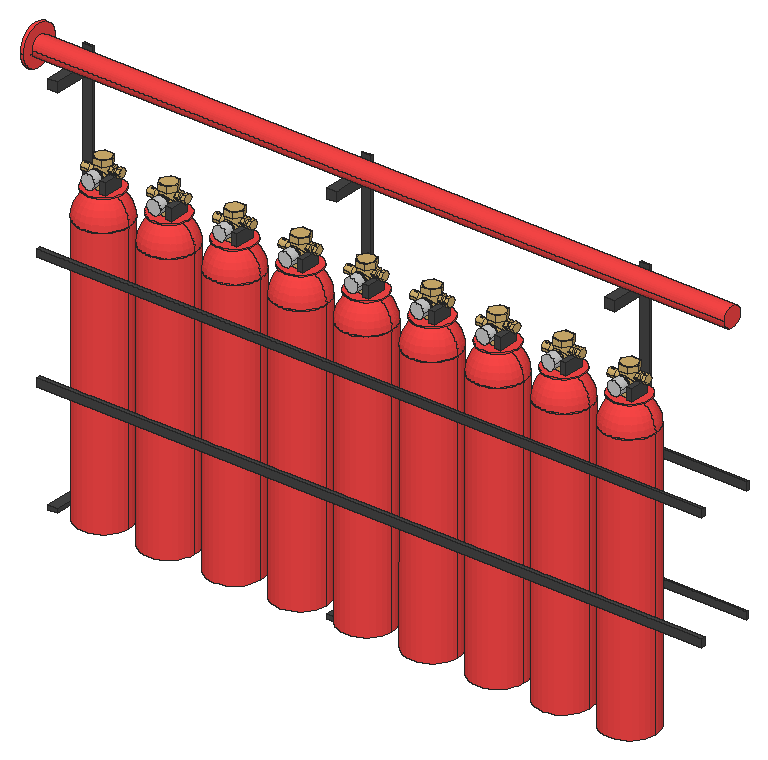
Revit family "Batería de cilindros 67l en simple fila FK-5-1-12_Aguilera Extincion", category Equipos especializados, Revit 2019
Family settings
  Anfitrión = Suelo
  Cota de conector redondo = Radio de uso
  Tipo de pieza = Normal
  Número OmniClass = 23.65.20.14.24
  Título OmniClass = Other Gas Storage Vessels
  Siempre vertical = Sí
  Corte con vacíos al cargar = No
  Compartido = No
  Punto de cálculo de habitación = No
Parameters (values of type "Batería 9 cilindros FK-5-1-12 - 67 l")
  URL = "https://aguilera.es/?productos=sistemas-centralizados-de-67-80-150-y-240l"
  Símbolo texto = yes
  Símbolo = yes
  Rc2 = Radio colector * 2  # 101.6 mm
  Radio colector = Diámetro colector / 2  # 50.8 mm
  R = Diámetro / 2  # 133.5 mm
  Número soportes = 3
  Número de cilindros = 9
  Modelo = "AEX/FKB067-09"
  Lt1 = Lt * 0.9  # 3239.1 mm
  Lt = 3599 mm
  Lci = D2 + 40 mm  # 380 mm
  Lcc = Lt1 / (Número soportes - 0.75)  # 1439.6 mm
  Lc = 340 mm  # constant formula
  Ht = Hc + Diámetro colector  # 2096.6 mm
  Hd = 1770 mm
  H2 = 1200 mm
  H1 = 600 mm
  Fabricante = "Aguilera Extinción"  # constant formula
  Diámetro colector = 101.6 mm
  Descripción = "Batería formada con cilindros de 67 L, fabricados en acero aleado certificados bajo normativa europea TPED para su uso con NOVEC 1230 de 3M. Presión de trabajo 25 bar a 21.1ºC. Pintados en color rojo (RAL 3002).\r\nEquipados con:\r\n– Válvula de descarga KIDDE 2″. Certificada CE y VdS.\r\n– Solenoide KIDDE 24 Vcc de disparo. Certificado CE y VdS (botella piloto).\r\n– Actuador Manual KIDDE. Certificado CE y Vds.(botella piloto)\r\n– Manómetro con presostato KIDDE. Certificado CE y VdS\r\n– Actuador neumático KIDDE. Certificado CE y VdS (botellas esclavas)\r\n– Latiguillos de disparo y descarga. Certificados CE.\r\n– Colector con brida de acoplamiento.\r\n– Válvulas antirretorno. Certificadas CE.\r\n– Conexión de descarga a colector.\r\n– Herrajes para fijación a pared.\r\n– Caperuza de protección para transporte."  # constant formula
  Diámetro = 267 mm
  Hc = 1995 mm  # constant formula
  D2 = 340 mm  # constant formula
  Cilindro = Cilindros autonomos de 5 a 120l FK-5-1-12_Aguilera Extincion : Cilindro autónomo MH5112® (FK-5-1-12) - 67 l
Types (14, lengths in mm): name | Rc2 | Radio colector | Número soportes | Número de cilindros | Modelo | Lt1 | Lt | Lcc | Ht | Diámetro colector
  (no name) | 101.6 | 50.8 | 3 | 9 | "AEX/FKB067-09" | 3239.1 | 3599 | 1439.6 | 2096.6 | 101.6
  Batería 2 cilindros FK-5-1-12 - 67 l | 50.8 | 25.4 | 2 | 2 | "AEX/FKB067-02" | 976.5 | 1085 | 781.2 | 2045.8 | 50.8
  Batería 3 cilindros FK-5-1-12 - 67 l | 63.5 | 31.75 | 2 | 3 | "AEX/FKB067-03" | 1337.4 | 1486 | 1069.92 | 2058.5 | 63.5
  Batería 4 cilindros FK-5-1-12 - 67 l | 76.2 | 38.1 | 2 | 4 | "AEX/FKB067-04" | 1657.8 | 1842 | 1326.24 | 2071.2 | 76.2
  Batería 5 cilindros FK-5-1-12 - 67 l | 76.2 | 38.1 | 2 | 5 | "AEX/FKB067-05" | 1963.8 | 2182 | 1571.04 | 2071.2 | 76.2
  Batería 6 cilindros FK-5-1-12 - 67 l | 76.2 | 38.1 | 2 | 6 | "AEX/FKB067-06" | 2298.6 | 2554 | 1838.88 | 2071.2 | 76.2
  Batería 7 cilindros FK-5-1-12 - 67 l | 101.6 | 50.8 | 3 | 7 | "AEX/FKB067-07" | 2604.6 | 2894 | 1157.6 | 2096.6 | 101.6
  Batería 8 cilindros FK-5-1-12 - 67 l | 101.6 | 50.8 | 3 | 8 | "AEX/FKB067-08" | 2910.6 | 3234 | 1293.6 | 2096.6 | 101.6
  Batería 9 cilindros FK-5-1-12 - 67 l | 101.6 | 50.8 | 3 | 9 | "AEX/FKB067-09" | 3239.1 | 3599 | 1439.6 | 2096.6 | 101.6
  Batería 10 cilindros FK-5-1-12 - 67 l | 101.6 | 50.8 | 3 | 10 | "AEX/FKB067-10" | 3545.1 | 3939 | 1575.6 | 2096.6 | 101.6
  Batería 11 cilindros FK-5-1-12 - 67 l | 127 | 63.5 | 4 | 11 | "AEX/FKB067-11" | 3851.1 | 4279 | 1184.954 | 2122 | 127
  Batería 12 cilindros FK-5-1-12 - 67 l | 127 | 63.5 | 4 | 12 | "AEX/FKB067-12" | 4157.1 | 4619 | 1279.108 | 2122 | 127
  Batería 13 cilindros FK-5-1-12 - 67 l | 127 | 63.5 | 4 | 13 | "AEX/FKB067-13" | 4477.5 | 4975 | 1377.692 | 2122 | 127
  Batería 14 cilindros FK-5-1-12 - 67 l | 127 | 63.5 | 5 | 14 | "AEX/FKB067-14" | 4783.5 | 5315 | 1125.529 | 2122 | 127
Reference planes
  plane 1 "Centro (Frontal/Posterior)": y = 0
  plane 2: z = 0
  plane 3 "Centro (Izquierda/Derecha)": x = 0
  plane 4: y = 133.5
  plane 5: z = 600
  plane 6: z = 1200
  plane 7: z = 1565
  plane 8: z = 1703.58
  plane 9: z = 1770
  plane 10: z = 1995
  plane 11: z = 2096.6
  plane 12: x = -600
  plane 13: x = 2999
  plane 14: y = 153.5
  plane 15: x = -440
  plane 16: y = 40.5
  plane 17: z = 2076.6
Forms (mm)
  Extrusion 1, solid, material "Acero rojo"
    sketch origin (0, 0, 0) x (0, 1, 0) y (0, 0, 1)
      loop
        circle (40.5, 2045.8) r 50.8
    from -600 to 2999
  Extrusion 2, solid, material "Acero rojo"
    sketch origin (0, 0, 0) x (0, 1, 0) y (0, 0, 1)
      loop
        circle (40.5, 2045.8) r 101.6
    from -600 to -582.73
  Extrusion 3, solid, material "Acero negro", detail levels fine
    sketch origin (-745.59, -6000, 600) x (-1, 0, 0) y (0, -1, 0)
      loop
        line (-3744.59, -5864.5) -> (-305.59, -5864.5) -> (-305.59, -5846.113) -> (-3744.59, -5846.113) -> (-3744.59, -5864.5)
    from 40 to 0
  Extrusion 4, solid, material "Acero negro", detail levels fine
    sketch origin (-745.59, -6000, 1200) x (-1, 0, 0) y (0, -1, 0)
      loop
        line (-3744.59, -5864.5) -> (-305.59, -5864.5) -> (-305.59, -5846.113) -> (-3744.59, -5846.113) -> (-3744.59, -5864.5)
    from 40 to 0
  Extrusion 5, solid, material "Acero negro", detail levels fine
    sketch origin (-745.59, -5721, 600) x (-1, 0, 0) y (0, -1, 0)
      loop
        line (-3744.59, -5864.5) -> (-305.59, -5864.5) -> (-305.59, -5854.5) -> (-3744.59, -5854.5) -> (-3744.59, -5864.5)
    from 40 to 0
  Extrusion 6, solid, material "Acero negro", detail levels fine
    sketch origin (-745.59, -5721, 1200) x (-1, 0, 0) y (0, -1, 0)
      loop
        line (-3744.59, -5864.5) -> (-305.59, -5864.5) -> (-305.59, -5854.5) -> (-3744.59, -5854.5) -> (-3744.59, -5864.5)
    from 40 to 0
Dimensions and locks
  "H1": plane 5 to plane 2
  "H2": plane 6 to plane 2
  "Hd": plane 9 to plane 2
  "Hc": plane 10 to plane 2
  locked: plane 9 to plane 8 at 66.42
  locked: plane 9 to plane 7 at 205
  "R": plane 1 "Centro (Frontal/Posterior)" to plane 4
  "Lt": plane 13 to plane 12
  "Ht": plane 11 to plane 2
  locked: plane 11 to plane 17 at 20
  "Ht": Extrusion 1 sketch curve to plane 2
  equal spacing: group 1, group 2, group 5, group 6, group 7, group 8, group 9, group 10, group 11  (x3)
  equal spacing: group 3, group 4, group 12  (x3)
  "Lcc": nested 5 to plane 15
  "Lci": nested 1 to plane 12
  equal spacing: plane 11, Extrusion 2 sketch curve, plane 10
  "Radio colector": radius of Extrusion 1 sketch curve
  "Rc2": radius of Extrusion 2 sketch curve
  aligned and locked: level to plane 2
  aligned and locked: Extrusion 1 to plane 12
  aligned and locked: plane 13 to Extrusion 1
  aligned and locked: Extrusion 2 to plane 12
  aligned and locked: Extrusion 3 sketch curve to plane 15
  aligned and locked: plane 13 to Extrusion 3 sketch curve
  aligned and locked: Extrusion 4 to plane 15
  aligned and locked: plane 13 to Extrusion 4
  aligned and locked: Extrusion 6 to plane 4
  aligned and locked: Extrusion 5 to plane 4
Automatic sketch dimensions
  plane 1 "Centro (Frontal/Posterior)" to Extrusion 3 sketch curve = 135.5 mm
  Extrusion 3 sketch curve to Extrusion 3 sketch curve = 18.387 mm
  Extrusion 4 sketch curve to plane 13 = 0 mm
  Extrusion 4 sketch curve to plane 15 = 0 mm
  plane 1 "Centro (Frontal/Posterior)" to Extrusion 4 sketch curve = 135.5 mm
  Extrusion 4 sketch curve to Extrusion 4 sketch curve = 18.387 mm
  Extrusion 5 sketch curve to plane 13 = 0 mm
  Extrusion 5 sketch curve to plane 15 = 0 mm
  plane 4 to Extrusion 5 sketch curve = 10 mm
  Extrusion 5 sketch curve to plane 4 = 0 mm
  Extrusion 6 sketch curve to plane 13 = 0 mm
  Extrusion 6 sketch curve to plane 15 = 0 mm
  plane 4 to Extrusion 6 sketch curve = 10 mm
  Extrusion 6 sketch curve to plane 4 = 0 mm
  Extrusion 1 sketch curve to plane 16 = 0 mm
  Extrusion 2 sketch curve to plane 16 = 0 mm
Nested families
  nested 1: "Cilindros autonomos de 5 a 120l FK-5-1-12_Aguilera Extincion" at (-220, 0, 0), type <- "Cilindro", type "Cilindro autónomo MH5112® (FK-5-1-12) - 67 l"
    with Soporte no
  nested 2: "Cilindros autonomos de 5 a 120l FK-5-1-12_Aguilera Extincion" at (120, 0, 0), type <- "Cilindro", type "Cilindro autónomo MH5112® (FK-5-1-12) - 67 l"
    with Soporte no
  nested 3: "S_Cilindros_Aguilera Extinción" at (0, 0, 0), visible <- "Símbolo", type "S_Cilindros_Aguilera Extinción", detail levels coarse
  nested 4: "Soporte suelo" at (-60, 153.5, 0), type "Soporte suelo"
    with Ht 1995 mm
  nested 5: "Soporte suelo" at (1379.6, 153.5, 0), type "Soporte suelo"
    with Ht 1995 mm
  nested 6: "Cilindros autonomos de 5 a 120l FK-5-1-12_Aguilera Extincion" at (460, 0, 0), type <- "Cilindro", type "Cilindro autónomo MH5112® (FK-5-1-12) - 67 l"
    with Soporte no
  nested 7: "Cilindros autonomos de 5 a 120l FK-5-1-12_Aguilera Extincion" at (800, 0, 0), type <- "Cilindro", type "Cilindro autónomo MH5112® (FK-5-1-12) - 67 l"
    with Soporte no
  nested 8: "Cilindros autonomos de 5 a 120l FK-5-1-12_Aguilera Extincion" at (1140, 0, 0), type <- "Cilindro", type "Cilindro autónomo MH5112® (FK-5-1-12) - 67 l"
    with Soporte no
  nested 9: "Cilindros autonomos de 5 a 120l FK-5-1-12_Aguilera Extincion" at (1480, 0, 0), type <- "Cilindro", type "Cilindro autónomo MH5112® (FK-5-1-12) - 67 l"
    with Soporte no
  nested 10: "Cilindros autonomos de 5 a 120l FK-5-1-12_Aguilera Extincion" at (1820, 0, 0), type <- "Cilindro", type "Cilindro autónomo MH5112® (FK-5-1-12) - 67 l"
    with Soporte no
  nested 11: "Cilindros autonomos de 5 a 120l FK-5-1-12_Aguilera Extincion" at (2160, 0, 0), type <- "Cilindro", type "Cilindro autónomo MH5112® (FK-5-1-12) - 67 l"
    with Soporte no
  nested 12: "Cilindros autonomos de 5 a 120l FK-5-1-12_Aguilera Extincion" at (2500, 0, 0), type <- "Cilindro", type "Cilindro autónomo MH5112® (FK-5-1-12) - 67 l"
    with Soporte no
  nested 13: "Soporte suelo" at (2819.2, 153.5, 0), type "Soporte suelo"
    with Ht 1995 mm
Connectors
  piping at (-600, 40.5, 2045.8), diameter 101.6, driven by "Radio colector"
    settings: on Extrusion 1, index 1, connector inside diameter 609.6 mm, connector length 0 mm, flow factor 0, pipe flow 0.0 L/s, pressure drop 0.0 Pa, fitting loss kfactor 0, connector angle 0.00°, fixture units 0, engagement length 0 mm, angle of deflection 0.00°, flow configuration 0, flow direction 0, fitting loss method 0, system type 28, joint type 0, gender type 0, connector reference index -1, connector utility 0, adjustable connector no, is connector primary yes, connector description ""
Definition of nested family "Cilindros autonomos de 5 a 120l FK-5-1-12_Aguilera Extincion"
  Parameters (values of type "Cilindro autónomo MH5112® (FK-5-1-12) - 120 l")
    URL = "https://aguilera.es/?productos=botellas-autonomas-de-14-a-345-l"
    Símbolo texto = yes
    Símbolo = yes
    Soporte = yes
    R = Diámetro / 2  # 177.277 mm
    Model = "AEX/FK120"
    L1 = 536 mm
    Hd = 1700 mm
    H2 = 850 mm
    Manufacturer = "Aguilera Extinción"  # constant formula
    Description = "Cilindro de alta presión, fabricado en acero aleado tratado térmicamente sin soldadura (según Directiva Europea 84/525/CEE). Marcado π Presión de trabajo de 42 y 50 bar, presión de pruebas 250 bar, temperatura de servicio de -20ºC a +50ºC, grabados y pintados en color rojo (RAL 3002).\r\nEquipado con:\r\n• Válvula de descarga. Marcada CE según RD: 769/1999. Incluye:\r\n• Solenoide de disparo. (Alimentación 24V y 500mA de consumo)\r\n• Válvula de sobrepresión y disco de seguridad.\r\n• Válvula de alivio.\r\n• Manómetro 42 bar con presostato. Certificado Vds\r\n• Actuador manual\r\n• Herrajes de fijación.\r\n• Brida y caperuza protectora de la válvula y sus accesorios."  # constant formula
    Diámetro = 354.555 mm
    H = 1780 mm
    Aux_R = R / 2  # 88.639 mm
  Types (8, lengths in mm): name | R | Model | L1 | Hd | H2 | Diámetro | H | Aux_R
    (no name) | 177.277 | "AEX/FK120" | 536 | 1700 | 850 | 354.555 | 1780 | 88.639
    Cilindro autónomo MH5112® (FK-5-1-12) - 80 l | 133.5 | "AEX/FK080" | 402 | 1800 | 900 | 267 | 1880 | 66.75
    Cilindro autónomo MH5112® (FK-5-1-12) - 120 l | 177.277 | "AEX/FK120" | 536 | 1700 | 850 | 354.555 | 1780 | 88.639
    Cilindro autónomo MH5112® (FK-5-1-12) - 67 l | 133.5 | "AEX/FK067" | 402 | 1600 | 800 | 267 | 1680 | 66.75
    Cilindro autónomo MH5112® (FK-5-1-12) - 40,2 l | 114.5 | "AEX/FK040" | 364 | 1300 | 650 | 229 | 1380 | 57.25
    Cilindro autónomo MH5112® (FK-5-1-12) - 26,8 l | 146.623 | "AEX/FK026" | 364 | 1000 | 500 | 293.247 | 1080 | 73.312
    Cilindro autónomo MH5112® (FK-5-1-12) - 13,4 l | 70 | "AEX/FK013" | 274 | 1100 | 550 | 140 | 1180 | 35
    Cilindro autónomo MH5112® (FK-5-1-12) - 5 l | 70 | "AEX/FK005" | 274 | 500 | 250 | 140 | 580 | 35
  Reference planes
    plane 1 "Centro (Frontal/Posterior)": y = 0
    plane 2: z = 0
    plane 3 "Centro (Izquierda/Derecha)": x = 0
    plane 4: y = 177.277
    plane 5: z = 850
    plane 6: z = 1495
    plane 7: z = 1633.58
    plane 8: z = 1700
    plane 9: z = 1780
    plane 10: x = -100
    plane 11: x = -177.277
    plane 12: x = 177.277
    plane 13: x = -177.277
    plane 14: x = 177.277
    plane 15: x = -40
  Forms (mm)
    Extrusion 1, solid, detail levels medium+fine
      sketch origin (0, 0, 0) x (1, 0, 0) y (0, 1, 0)
        loop
          circle (0, 0) r 177.277
      from 0 to 1495
    Extrusion 2, solid, detail levels medium+fine
      sketch origin (-745.59, -6000, 1633.58) x (-1, 0, 0) y (0, -1, 0)
        loop
          circle (-745.59, -6000) r 40
      from 0 to 146.42
    Extrusion 3, solid, detail levels medium+fine
      sketch origin (-70, 0, 0) x (0, -1, 0) y (0, 0, 1)
        loop
          circle (0, 1700) r 25
      from -117.506 to -12.56
    Revolve 4, solid, detail levels medium+fine
      sketch origin (0, 0, 0) x (1, 0, 0) y (0, 0, 1)
        loop
          line (0, 1633.58) -> (-40, 1633.58)
          arc (-40, 1633.58) -> (-137.098, 1593.066) -> (-177.277, 1495.829) r 137.752
          line (-177.277, 1495.829) -> (-177.277, 1495) -> (0, 1495) -> (0, 1633.58)
        axis (0, 1633.58) -> (0, 1495)
      angle from 0 to 360
    Extrusion 5, solid, visible <- "Soporte", detail levels fine
      sketch origin (-745.59, -6000, 850) x (-1, 0, 0) y (0, -1, 0)
        loop
          line (-500.812, -6197.277) -> (-500.812, -6177.277) -> (-566.312, -6177.277) -> (-566.312, -6000)
          arc (-566.312, -6000) -> (-745.59, -5820.723) -> (-924.867, -6000) r 179.277
          line (-924.867, -6000) -> (-924.867, -6177.277) -> (-990.367, -6177.277) -> (-990.367, -6197.277) -> (-500.812, -6197.277)
        loop
          arc (-568.312, -6000) -> (-745.59, -5822.723) -> (-922.867, -6000) r 177.277
          line (-922.867, -6000) -> (-922.867, -6177.277) -> (-568.312, -6177.277) -> (-568.312, -6000)
      from 20 to -20
    Extrusion 6, solid, detail levels fine
      sketch origin (-745.59, -6000, 1633.58) x (-1, 0, 0) y (0, -1, 0)
        loop
          circle (-745.59, -6000) r 100
      from 0 to 5.101
    Extrusion 7, solid, detail levels medium+fine
      sketch origin (-745.59, -6000, 1780) x (-1, 0, 0) y (0, -1, 0)
        loop
          line (-769.342, -6041.141) -> (-721.837, -6041.141) -> (-698.084, -6000) -> (-721.837, -5958.859) -> (-769.342, -5958.859) -> (-793.095, -6000) -> (-769.342, -6041.141)
      from 0 to -30.23
    Extrusion 8, solid, detail levels medium+fine
      sketch origin (0.001, -69.978, 0) x (1, 0.000332, 0) y (0, 0, 1)
        loop
          circle (0, 1700) r 35
      from -70 to -28.863
    Extrusion 9, solid, detail levels medium+fine
      sketch origin (-145, 0, 0) x (0, -1, 0) y (0, 0, 1)
        loop
          circle (0, 1700) r 20
        loop
          circle (0, 1700) r 15
      from -87.56 to -45
    Extrusion 10, solid, detail levels medium+fine
      sketch origin (0.001, -127.334, 0) x (1, 0.000332, 0) y (0, 0, 1)
        loop
          circle (0, 1700) r 30
      from -86.218 to -73.878
    Extrusion 11, solid, detail levels medium+fine
      sketch origin (0.001, -157.335, 0) x (1, 0.000332, 0) y (0, 0, 1)
        loop
          circle (0, 1700) r 35
      from -103.928 to -58.906
    Extrusion 12, solid, detail levels fine
      sketch origin (-27.334, -0.23, 26.684) x (0.000332, -1, 0) y (0, 0, 1)
        loop
          circle (-0.222, 1705.463) r 15
      from -108.689 to -58.467
    Extrusion 13, solid, detail levels fine
      sketch origin (146.623, 655.396, 4006.684) x (0, 1, 0) y (0, 0, 1)
        loop
          line (-666.922, -2254.537) -> (-678.469, -2274.537) -> (-666.922, -2294.537) -> (-643.828, -2294.537) -> (-632.281, -2274.537) -> (-643.828, -2254.537) -> (-666.922, -2254.537)
      from -98.997 to -83.977
    Extrusion 14, solid, detail levels fine
      sketch origin (146.623, 655.396, 4006.684) x (0, 1, 0) y (0, 0, 1)
        loop
          line (-666.922, -2254.537) -> (-678.469, -2274.537) -> (-666.922, -2294.537) -> (-643.828, -2294.537) -> (-632.281, -2274.537) -> (-643.828, -2254.537) -> (-666.922, -2254.537)
      from -65.269 to -49.269
    Extrusion 15, solid, detail levels fine
      sketch origin (-100, 837.763, 4000) x (0, 1, 0) y (0, 0, 1)
        loop
          line (-820.012, -2283.976) -> (-917.735, -2283.976) -> (-917.735, -2343.976) -> (-820.012, -2343.976) -> (-820.012, -2283.976)
      from 147.506 to 176.533
  Lines and regions (mm)
    symbolic lines
      curve 1: line (0, 217.277, 0) -> (0, 177.277, 0)
      curve 2: line (-25, 197.277, 0) -> (25, 197.277, 0)
      curve 3: circle (0, 197.277, 0) r 15 normal (0, 0, 1)
  Dimensions and locks
    "H2": plane 5 to plane 2
    "Hd": plane 8 to plane 2
    "H": plane 9 to plane 2
    locked: plane 10 to plane 3 "Centro (Izquierda/Derecha)" at 100
    equal spacing: plane 11, plane 3 "Centro (Izquierda/Derecha)", plane 12
    "Diámetro": plane 11 to plane 12
    locked: plane 8 to plane 7 at 66.42
    locked: plane 8 to plane 6 at 205
    "R": plane 1 "Centro (Frontal/Posterior)" to plane 4
    equal spacing: plane 13, plane 3 "Centro (Izquierda/Derecha)", plane 14
    "Diámetro": plane 13 to plane 14
    equal spacing: Extrusion 5 sketch curve, plane 3 "Centro (Izquierda/Derecha)", Extrusion 5 sketch curve
    "R": Revolve 4 sketch curve to Revolve 4 sketch curve
    locked: Revolve 4 sketch curve to Revolve 4 sketch curve at 0.829
    "Diámetro": diameter of Extrusion 1 sketch curve
    aligned and locked: level to plane 2
    aligned and locked: plane 6 to Extrusion 1
    aligned and locked: plane 9 to Extrusion 2
    aligned and locked: Extrusion 2 to plane 7
    aligned and locked: Revolve 4 sketch curve to plane 3 "Centro (Izquierda/Derecha)"  (x2)
    aligned and locked: Extrusion 5 sketch curve to Extrusion 5 sketch curve  (x2)
    aligned and locked: Extrusion 5 sketch curve to plane 4
    aligned and locked: Extrusion 5 sketch curve to plane 14
    aligned and locked: Extrusion 5 sketch curve to plane 13
    aligned and locked: Revolve 4 sketch curve to plane 6
    aligned and locked: plane 15 to Extrusion 2
    aligned and locked: plane 15 to Revolve 4 sketch curve
    aligned and locked: Extrusion 9 to plane 10
    aligned and locked: Extrusion 15 to Extrusion 3
  Automatic sketch dimensions
    curve 1 to plane 3 "Centro (Izquierda/Derecha)" = 0 mm
    curve 3 to plane 3 "Centro (Izquierda/Derecha)" = 0 mm
    curve 1 to plane 4 = 0 mm
    curve 1 to curve 3 = 20 mm
    curve 2 to plane 3 "Centro (Izquierda/Derecha)" = 25 mm
    plane 3 "Centro (Izquierda/Derecha)" to curve 2 = 25 mm
    plane 4 to curve 2 = 20 mm
    curve 3 to curve 1 = 20 mm
    plane 1 "Centro (Frontal/Posterior)" to Extrusion 2 sketch curve = 0 mm
    Extrusion 2 sketch curve to plane 3 "Centro (Izquierda/Derecha)" = 0 mm
    Extrusion 3 sketch curve to plane 1 "Centro (Frontal/Posterior)" = 0 mm
    Extrusion 3 sketch curve to plane 8 = 0 mm
    plane 1 "Centro (Frontal/Posterior)" to Extrusion 6 sketch curve = 0 mm
    Extrusion 6 sketch curve to plane 3 "Centro (Izquierda/Derecha)" = 0 mm
    plane 1 "Centro (Frontal/Posterior)" to Extrusion 7 sketch curve = 0 mm  (x2)
    plane 3 "Centro (Izquierda/Derecha)" to Extrusion 7 sketch curve = 47.506 mm
    plane 3 "Centro (Izquierda/Derecha)" to Extrusion 7 sketch curve = 23.753 mm  (x2)
    Extrusion 7 sketch curve to plane 3 "Centro (Izquierda/Derecha)" = 23.753 mm  (x2)
    Extrusion 7 sketch curve to Extrusion 7 sketch curve = 23.753 mm
    Extrusion 7 sketch curve to plane 1 "Centro (Frontal/Posterior)" = 41.141 mm
    plane 1 "Centro (Frontal/Posterior)" to Extrusion 7 sketch curve = 41.141 mm
    Extrusion 8 sketch curve to plane 8 = 0 mm
    Extrusion 9 sketch curve to Extrusion 9 sketch curve = 0 mm  (x2)
    Extrusion 9 sketch curve to plane 1 "Centro (Frontal/Posterior)" = 0 mm
    Extrusion 9 sketch curve to plane 8 = 0 mm
    Extrusion 10 sketch curve to plane 8 = 0 mm
    Extrusion 11 sketch curve to plane 8 = 0 mm
    plane 8 to Extrusion 12 sketch curve = 32.147 mm
    plane 1 "Centro (Frontal/Posterior)" to Extrusion 13 sketch curve = 23.073 mm
    plane 1 "Centro (Frontal/Posterior)" to Extrusion 13 sketch curve = 11.526 mm  (x2)
    plane 8 to Extrusion 13 sketch curve = 12.147 mm
    Extrusion 13 sketch curve to plane 1 "Centro (Frontal/Posterior)" = 11.568 mm  (x2)
    Extrusion 13 sketch curve to Extrusion 13 sketch curve = 11.547 mm
    Extrusion 13 sketch curve to Extrusion 13 sketch curve = 20 mm  (x3)
    plane 1 "Centro (Frontal/Posterior)" to Extrusion 14 sketch curve = 23.073 mm
    plane 1 "Centro (Frontal/Posterior)" to Extrusion 14 sketch curve = 11.526 mm  (x2)
    plane 8 to Extrusion 14 sketch curve = 12.147 mm
    Extrusion 14 sketch curve to plane 1 "Centro (Frontal/Posterior)" = 11.568 mm  (x2)
    Extrusion 14 sketch curve to Extrusion 14 sketch curve = 11.547 mm
    Extrusion 14 sketch curve to Extrusion 14 sketch curve = 20 mm  (x3)
    plane 8 to Extrusion 15 sketch curve = 16.024 mm
    plane 1 "Centro (Frontal/Posterior)" to Extrusion 15 sketch curve = 79.972 mm
    Extrusion 15 sketch curve to plane 1 "Centro (Frontal/Posterior)" = 17.752 mm
    plane 7 to Extrusion 15 sketch curve = 22.444 mm
    plane 1 "Centro (Frontal/Posterior)" to Extrusion 1 sketch curve = 0 mm
    Extrusion 1 sketch curve to plane 3 "Centro (Izquierda/Derecha)" = 0 mm
    Revolve 4 sketch curve to plane 7 = 0 mm
    plane 5 to Revolve 4 sketch curve = 8.628 mm
    Revolve 4 sketch curve to plane 8 = 6 mm
    Extrusion 5 sketch curve to Extrusion 5 sketch curve = 0 mm  (x2)
    plane 1 "Centro (Frontal/Posterior)" to Extrusion 5 sketch curve = 0 mm
    Extrusion 5 sketch curve to plane 14 = 2 mm
    Extrusion 5 sketch curve to Extrusion 5 sketch curve = 65.5 mm
    Extrusion 5 sketch curve to Extrusion 5 sketch curve = 20 mm
    radius of curve 3 = 15 mm
    radius of Extrusion 2 sketch curve = 40 mm
    radius of Extrusion 3 sketch curve = 25 mm
    radius of Extrusion 6 sketch curve = 100 mm
    radius of Extrusion 8 sketch curve = 35 mm
    radius of Extrusion 9 sketch curve = 20 mm
    radius of Extrusion 9 sketch curve = 15 mm
    radius of Extrusion 10 sketch curve = 30 mm
    radius of Extrusion 11 sketch curve = 35 mm
    radius of Extrusion 12 sketch curve = 15 mm
  Nested families
    nested 1: "S_Cilindro_Aguilera Extinción" at (0, 0, 0), visible <- "Símbolo", type "S_Cilindro_Aguilera Extinción", detail levels coarse
  Definition of nested family "S_Cilindro_Aguilera Extinción"
    Parameters (values of type "S_Cilindro_Aguilera Extinción")
      Texto símbolo = "Cilindros"
      Texto modelo = yes
      Modelo = "Cilindros"
    Reference planes
      plane 1: y = 0
      plane 2: x = 0
    Lines and regions (mm)
      detail lines
        curve 1: line (-1.703, -1.659, 0) -> (1.659, -1.659, 0)
        curve 2: line (-1.703, 1.659, 0) -> (-1.703, -1.659, 0)
        curve 3: line (1.659, 1.659, 0) -> (-1.703, 1.659, 0)
        curve 4: line (1.659, -1.659, 0) -> (1.659, 1.659, 0)
        curve 5: circle (0, 0, 0) r 1.659 normal (0, 0, 1)
    Text (mm)
      label "Texto símbolo" at (-0.164, 3.111, 0), shows "Texto símbolo"
      label "Modelo" at (-0.164, -2.652, 0), shows "Modelo", visible <- "Texto modelo"
Definition of nested family "Soporte suelo"
  Parameters (values of type "Soporte suelo")
    Ht = 1266.694 mm
  Reference planes
    plane 1 "Centro (Frontal/Posterior)": y = 0
    plane 2: z = 0
    plane 3 "Centro (Izquierda/Derecha)": x = 0
    plane 4: z = 1266.694
  Forms (mm)
    Extrusion 1, solid
      sketch origin (-380, -6153.5, 976.911) x (0, 0, 1) y (0, -1, 0)
        loop
          line (354.783, -6153.5) -> (354.783, -6143.5) -> (289.783, -6143.5) -> (289.783, -5918.5) -> (239.783, -5918.5) -> (239.783, -6143.5) -> (-956.911, -6143.5) -> (-956.911, -5918.5) -> (-976.911, -5918.5) -> (-976.911, -6153.5) -> (354.783, -6153.5)
      from 0 to 50
  Lines and regions (mm)
    symbolic lines
      curve 1: line (-355, 20, 0) -> (-355, -20, 0)
      curve 2: line (-380, 0, 0) -> (-330, 0, 0)
      curve 3: circle (-355, 0, 0) r 15 normal (0, 0, 1)
  Dimensions and locks
    "Ht": plane 4 to plane 2
    aligned and locked: level to plane 2
    aligned and locked: Extrusion 1 sketch curve to plane 4
    aligned and locked: plane 1 "Centro (Frontal/Posterior)" to Extrusion 1 sketch curve
    aligned and locked: level to Extrusion 1 sketch curve
  Automatic sketch dimensions
    plane 1 "Centro (Frontal/Posterior)" to curve 2 = 0 mm
    plane 1 "Centro (Frontal/Posterior)" to curve 3 = 0 mm
    curve 3 to plane 3 "Centro (Izquierda/Derecha)" = 355 mm
    curve 1 to curve 3 = 0 mm
    curve 2 to curve 3 = 25 mm
    curve 3 to curve 2 = 25 mm
    plane 1 "Centro (Frontal/Posterior)" to curve 1 = 20 mm
    curve 1 to plane 1 "Centro (Frontal/Posterior)" = 20 mm
    level to Extrusion 1 sketch curve = 20 mm
    Extrusion 1 sketch curve to plane 4 = 50 mm
    plane 1 "Centro (Frontal/Posterior)" to Extrusion 1 sketch curve = 10 mm  (x2)
    Extrusion 1 sketch curve to Extrusion 1 sketch curve = 65 mm
    Extrusion 1 sketch curve to Extrusion 1 sketch curve = 225 mm  (x2)
    radius of curve 3 = 15 mm
Definition of nested family "S_Cilindros_Aguilera Extinción"
  Parameters (values of type "S_Cilindros_Aguilera Extinción")
    Texto símbolo = "Cilindros"
    Texto modelo = yes
    Modelo = "Cilindros"
  Reference planes
    plane 1: y = 0
    plane 2: x = 0
  Lines and regions (mm)
    detail lines
      curve 1: line (-6.666, -1.659, 0) -> (6.654, -1.659, 0)
      curve 2: line (-6.666, 1.659, 0) -> (-6.666, -1.659, 0)
      curve 3: line (6.654, 1.659, 0) -> (-6.666, 1.659, 0)
      curve 4: line (6.654, -1.659, 0) -> (6.654, 1.659, 0)
      curve 5: circle (-4.976, 0, 0) r 1.659 normal (0, 0, 1)
      curve 6: circle (-1.659, 0, 0) r 1.659 normal (0, 0, 1)
      curve 7: circle (1.659, 0, 0) r 1.659 normal (0, 0, 1)
      curve 8: circle (4.976, 0, 0) r 1.659 normal (0, 0, 1)
  Text (mm)
    label "Texto símbolo" at (-0.164, 3.111, 0), shows "Texto símbolo"
    label "Modelo" at (-0.164, -2.652, 0), shows "Modelo", visible <- "Texto modelo"
